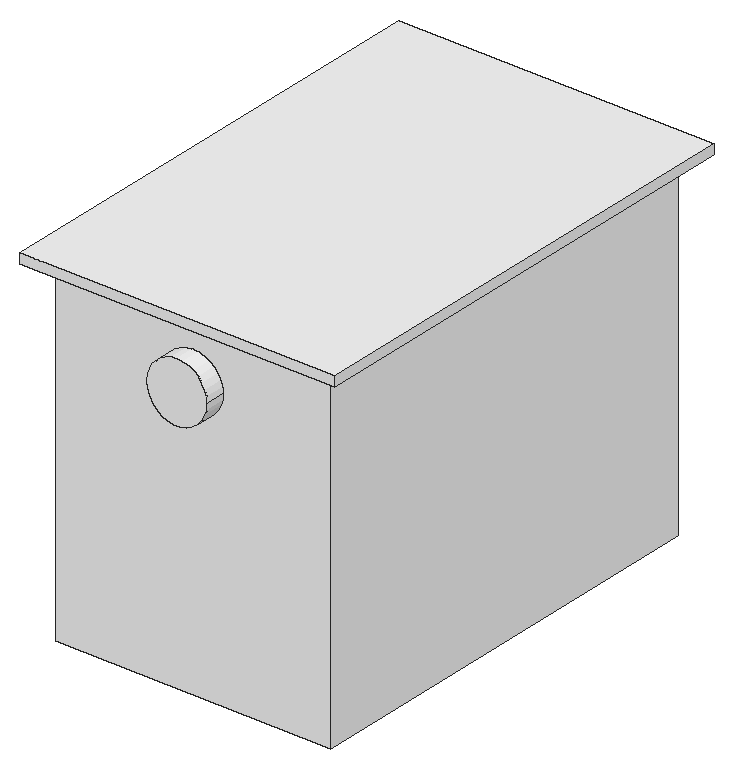
Revit family "Plumbing Fixture-Grease_Interseptor_Mifab_MI-O", category Plumbing Fixtures, host Face, Revit 2013
Parameters (values of type "MI-0-C")
  Water Capacity = "20.07 Gallons"
  WFU = 0
  URL = "www.mifab.com"
  Standard Inlet And Outlet Radii = F / 2  # 1.500"
  Model = "MI-0-C"
  Manufacturer = "MIFAB"
  Interceptor Material = Acid Resistant Epoxy Coated Green
  G = 8.000"
  Flow Rate = "20 GPM"
  F = 3.000"
  E = 17.500"
  Description = "10 to 500 GPM Oil Interceptor"
  Default Elevation = 0.000"
  D = 14.000"
  C = 3.500"
  B = 15.750"
  Assembly Code = "D2090300"
  A = 23.750"
Types (18): name | Water Capacity | Standard Inlet And Outlet Radii | Model | G | Flow Rate | F | E | D | C | B | A
  (no name) | "20.07 Gallons" | 1.500" | "MI-0-C" | 8.000" | "20 GPM" | 3.000" | 17.500" | 14.000" | 3.500" | 15.750" | 23.750"
  MI-0-A | "9.73 Gallons" | 1.000" | "MI-0-A" | 4.000" | "10 GPM" | 2.000" | 13.000" | 9.500" | 3.500" | 15.750" | 21.250"
  MI-0-B | "13.59 Gallons" | 1.000" | "MI-0-B" | 6.000" | "15 GPM" | 2.000" | 15.000" | 11.500" | 3.500" | 15.750" | 23.750"
  MI-0-C | "20.07 Gallons" | 1.500" | "MI-0-C" | 8.000" | "20 GPM" | 3.000" | 17.500" | 14.000" | 3.500" | 15.750" | 23.750"
  MI-0-1 | "55.15 Gallons" | 1.500" | "MI-0-1" | 19.000" | "25 GPM" | 3.000" | 32.000" | 26.000" | 6.000" | 22.000" | 28.000"
  MI-0-2 | "74.67 Gallons" | 1.500" | "MI-0-2" | 19.000" | "35 GPM" | 3.000" | 32.000" | 26.000" | 6.000" | 24.000" | 34.000"
  MI-0-3 | "80.76 Gallons" | 1.500" | "MI-0-3" | 21.000" | "50 GPM" | 3.000" | 34.000" | 28.000" | 6.000" | 24.000" | 34.000"
  MI-0-4 | "165.68 Gallons" | 2.000" | "MI-0-4" | 21.000" | "75 GPM" | 4.000" | 36.000" | 28.000" | 8.000" | 34.000" | 48.000"
  MI-0-5 | "245.21 Gallons" | 2.000" | "MI-0-5" | 21.000" | "100 GPM" | 4.000" | 36.000" | 28.000" | 8.000" | 36.000" | 51.000"
  MI-0-6 | "195.17 Gallons" | 2.000" | "MI-0-6" | 21.000" | "125 GPM" | 4.000" | 36.000" | 28.000" | 8.000" | 36.000" | 53.000"
  MI-0-7 | "214.30 Gallons" | 2.000" | "MI-0-7" | 21.000" | "150 GPM" | 4.000" | 38.000" | 28.000" | 10.000" | 36.000" | 58.000"
  MI-0-8 | "308.57 Gallons" | 2.000" | "MI-0-8" | 25.000" | "200 GPM" | 4.000" | 42.000" | 32.000" | 10.000" | 38.000" | 68.000"
  MI-0-9 | "426.39 Gallons" | 2.000" | "MI-0-8" | 31.000" | "250 GPM" | 4.000" | 50.000" | 38.000" | 12.000" | 40.000" | 74.000"
  MI-0-10 | "549.71 Gallons" | 2.000" | "MI-0-10" | 33.000" | "300 GPM" | 4.000" | 52.000" | 40.000" | 12.000" | 44.000" | 78.000"
  MI-0-11 | "621.30 Gallons" | 3.000" | "MI-0-11" | 33.000" | "350 GPM" | 6.000" | 52.000" | 40.000" | 12.000" | 46.000" | 80.000"
  MI-0-12 | "664.52 Gallons" | 3.000" | "MI-0-12" | 35.000" | "400 GPM" | 6.000" | 54.000" | 42.000" | 12.000" | 48.000" | 82.000"
  MI-0-13 | "690.91 Gallons" | 3.000" | "MI-0-13" | 35.000" | "450 GPM" | 6.000" | 54.000" | 42.000" | 12.000" | 50.000" | 84.000"
  MI-0-14 | "781.82 Gallons" | 3.000" | "MI-0-14" | 39.000" | "500 GPM" | 6.000" | 58.000" | 46.000" | 12.000" | 52.000" | 86.000"
Reference planes (in)
  plane 1 "Center (Front/Back)": y = 0
  plane 2: z = 0
  plane 3 "Center (Left/Right)": x = 0
  plane 4: x = -7.875
  plane 5: y = -11.875
  plane 6: y = 11.875
  plane 7: x = 7.875
  plane 8: z = -3.5
  plane 9: z = -17.5
  plane 10: z = -17.5
  plane 11: z = -0.1345
  plane 12: z = -17.3655
Forms (in)
  Extrusion 1, solid, material "Acid Resistant Epoxy Coated Green" <- "Interceptor Material"
    sketch origin (0, 0, 0) x (1, 0, 0) y (0, 1, 0)
      loop
        line (-7.875, 11.875) -> (-7.875, -11.875) -> (7.875, -11.875) -> (7.875, 11.875) -> (-7.875, 11.875)
    from 0 to -0.5
  Extrusion 2, solid, material "Acid Resistant Epoxy Coated Green" <- "Interceptor Material"
    sketch origin (0, 0, 0) x (1, 0, 0) y (0, 1, 0)
      loop
        line (-6.875, 10.875) -> (-6.875, -10.875) -> (6.875, -10.875) -> (6.875, 10.875) -> (-6.875, 10.875)
    from 0 to -17.5
  Extrusion 3, solid, material "Acid Resistant Epoxy Coated Green" <- "Interceptor Material"
    sketch origin (0, 0, 0) x (1, 0, 0) y (0, 0, 1)
      loop
        circle (0, -3.5) r 1.5
    from -11.875 to 11.875
Cuts and joins
  joined: Extrusion 1, Extrusion 2, Extrusion 3
Lines and regions (in)
  symbolic lines
    curve 1: line (-7.875, 11.875, 0) -> (7.875, 11.875, 0)
    curve 2: line (-7.875, -11.875, 0) -> (-7.875, 11.875, 0)
    curve 3: line (7.875, -11.875, 0) -> (-7.875, -11.875, 0)
    curve 4: line (7.875, 11.875, 0) -> (7.875, -11.875, 0)
Dimensions and locks (in)
  equal spacing: plane 4, plane 3 "Center (Left/Right)", plane 7
  equal spacing: plane 6, plane 1 "Center (Front/Back)", plane 5
  "B": plane 4 to plane 7
  "A": plane 6 to plane 5
  "C": host face to plane 8
  "D": plane 8 to plane 9
  "E": host face to plane 10
  equal spacing: Extrusion 2 sketch curve, plane 3 "Center (Left/Right)", Extrusion 2 sketch curve
  equal spacing: Extrusion 2 sketch curve, plane 1 "Center (Front/Back)", Extrusion 2 sketch curve
  Extrusion 2 sketch curve to plane 6 = 1.000"
  plane 4 to Extrusion 2 sketch curve = 1.000"
  locked: plane 12 to plane 10 at 0.1345
  locked: host face to plane 11 at 0.1345
  "F": diameter of Extrusion 3 sketch curve
  aligned and locked: plane 2 to host face
  aligned and locked: level to host face
  aligned and locked: Extrusion 1 sketch curve to plane 6
  aligned and locked: plane 4 to Extrusion 1 sketch curve
  aligned and locked: plane 5 to Extrusion 1 sketch curve
  aligned and locked: Extrusion 1 sketch curve to plane 7
  aligned and locked: Extrusion 2 to plane 9
  aligned and locked: Extrusion 3 to plane 5
  aligned and locked: plane 6 to Extrusion 3
  aligned and locked: Extrusion 3 to cut or joined group of Extrusion 1, Extrusion 2, Extrusion 3
  aligned and locked: curve 1 to plane 6
  aligned and locked: plane 4 to curve 2
  aligned and locked: plane 5 to curve 3
  aligned and locked: curve 4 to plane 7
Automatic sketch dimensions
  host sketch curve to host sketch curve = 96.000"
  host sketch curve to host sketch curve = 119.89934"
  Extrusion 3 sketch curve to plane 3 "Center (Left/Right)" = 0.000"
  Extrusion 3 sketch curve to plane 8 = 0.000"
Connectors (in)
  piping at (0, 11.875, -3.5), driven by "Standard Inlet And Outlet Radii"
    settings: on cut or joined group of Extrusion 1, Extrusion 2, Extrusion 3, index 1, connector radius 1 1/2", flow factor 0, pipe flow 0 GPM, pressure drop 0.00 psi, fitting loss kfactor 0, connector angle 0.00°, fixture units 0, engagement length 0.000", flow configuration 0, flow direction 1, fitting loss method 0, system type 16, joint type 0, gender type 0, connector reference index -1, connector utility 0, adjustable connector no, is connector primary yes, fitting loss table "", connector description "In"
  piping at (0, -11.875, -3.5), driven by "Standard Inlet And Outlet Radii"
    settings: on cut or joined group of Extrusion 1, Extrusion 2, Extrusion 3, index 2, connector radius 1 1/2", flow factor 0, pipe flow 0 GPM, pressure drop 0.00 psi, fitting loss kfactor 0, connector angle 0.00°, fixture units 0, engagement length 0.000", flow configuration 0, flow direction 2, fitting loss method 0, system type 16, joint type 0, gender type 0, connector reference index -1, connector utility 0, adjustable connector no, is connector primary no, fitting loss table "", connector description "Out"
